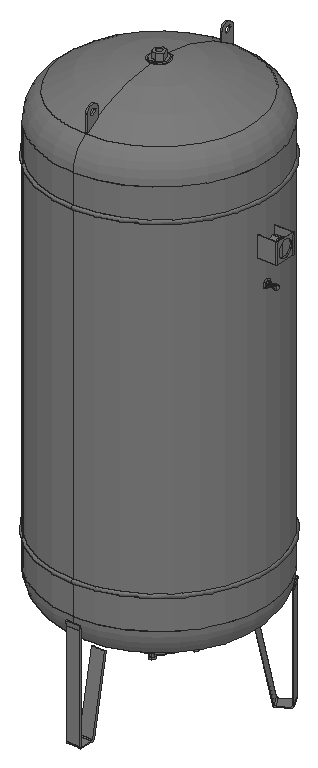
Revit family "MIT-1000-ET (Vertical)", category Specialty Equipment, Revit 2022
Family settings
  Round Connector Dimension = Use Diameter
  Part Type = Normal
  Work Plane-Based = No
  Always vertical = Yes
  Cut with Voids When Loaded = No
  Maintain Annotation Orientation = No
  Shared = No
  Room Calculation Point = No
Parameters
  URL = "https://en.ekinendustriyel.com/expansion-tanks"
  Test Pressure = 15.0 bar
  Production Standard = "TS EN 13831"
  Precharge Pressure = 4.0 bar
  Operating Pressure = 10.0 bar
  Model = "MIT-1000-ET_(Vertical)"
  Manufacturer = "Ekin Endüstriyel"
  Keynote = "Expension Tank"
  Description = "MIT-Expension Tank"
  Default Elevation = 0 mm
Reference planes
  plane 1 "Center (Front/Back)": y = 0
  plane 2: z = 0
  plane 3 "Center (Left/Right)": x = 0
Forms (mm)
  Revolve 1, solid, material "Ekin Endustriyel-S235JR", detail levels medium+fine
    sketch origin (0, -9714.015, 98.319) x (0, 1, 0) y (0, 0, 1)
      loop
        line (9714.015, 2026.016) -> (9714.015, 2024.191) -> (9751.581, 2024.191)
        arc (9751.581, 2024.191) -> (9911.062, 1992.264) -> (10057.292, 1921.058) r 638.141
        arc (10057.292, 1921.058) -> (10097.478, 1877.259) -> (10112.038, 1819.629) r 121.334
        line (10112.038, 1819.629) -> (10112.038, 334.84)
        arc (10112.038, 334.84) -> (10097.548, 277.391) -> (10057.546, 233.687) r 121.131
        arc (10057.546, 233.687) -> (9940.39, 172.938) -> (9813.201, 137.739) r 634.502
        arc (9813.201, 137.739) -> (9804.107, 131.161) -> (9794.387, 125.549) r 109.367
        line (9794.387, 125.549) -> (9714.015, 125.549) -> (9714.015, 123.692) -> (9795.078, 123.692)
        arc (9795.078, 123.692) -> (9805.154, 129.309) -> (9814.59, 135.945) r 110.567
        arc (9814.59, 135.945) -> (9941.62, 171.273) -> (10058.647, 232.017) r 636.502
        arc (10058.647, 232.017) -> (10099.309, 276.443) -> (10114.038, 334.84) r 123.131
        line (10114.038, 334.84) -> (10114.038, 446.679)
        arc (10114.038, 446.679) -> (10121.038, 453.679) -> (10114.038, 460.679) r 7
        line (10114.038, 460.679) -> (10114.038, 1696.701)
        arc (10114.038, 1696.701) -> (10121.038, 1703.701) -> (10114.038, 1710.701) r 7
        line (10114.038, 1710.701) -> (10114.038, 1819.629)
        arc (10114.038, 1819.629) -> (10099.238, 1878.209) -> (10058.39, 1922.73) r 123.334
        arc (10058.39, 1922.73) -> (9912.827, 1993.779) -> (9754.09, 2026.016) r 640.141
        line (9754.09, 2026.016) -> (9714.015, 2026.016)
      axis (9714.015, 123.692) -> (9714.015, 2026.016)
    angle from 0 to 360
  Extrusion 2, solid, material "Ekin Endustriyel-S235JR", detail levels coarse
    sketch origin (5181.554, -9689.015, 122.286) x (0, 1, 0) y (-1, 0, 0)
      loop
        circle (9689.015, 5181.554) r 407
    from 99.726 to 2002.05
  Extrusion 3, solid, material "Ekin Endustriyel-S235JR", detail levels fine
    sketch origin (-910.329, -6644.015, 80.111) x (0, 1, 0) y (0, 0, 1)
      loop
        arc (6304.907, 1944.464) -> (6329.582, 1959.406) -> (6354.86, 1973.305) r 691.428
        line (6354.86, 1973.305) -> (6354.86, 2004.328)
        arc (6354.86, 2004.328) -> (6329.883, 2029.305) -> (6304.907, 2004.328) r 24.977
        line (6304.907, 2004.328) -> (6304.907, 1944.464)
      loop
        circle (6329.732, 2004.282) r 13
      loop
        line (6983.124, 1944.464) -> (6983.124, 2004.328)
        arc (6983.124, 2004.328) -> (6958.148, 2029.305) -> (6933.171, 2004.328) r 24.977
        line (6933.171, 2004.328) -> (6933.171, 1973.305)
        arc (6933.171, 1973.305) -> (6958.448, 1959.406) -> (6983.124, 1944.464) r 691.428
      loop
        circle (6958.299, 2004.282) r 13
    from 906.829 to 913.828
  Extrusion 4, solid, material "Ekin Endustriyel-S235JR", detail levels medium+fine
    sketch origin (2.097, -50.915, 0) x (-0.866025, 0.5, 0) y (0, 0, 1)
      loop
        line (427.277, 395.355) -> (430.711, 413.024) -> (428.748, 413.406) -> (425.277, 395.547) -> (425.277, 7)
        arc (425.277, 7) -> (423.812, 3.464) -> (420.277, 2) r 5
        line (420.277, 2) -> (372.945, 2)
        arc (372.945, 2) -> (369.799, 3.114) -> (368.054, 5.96) r 5
        line (368.054, 5.96) -> (310.466, 276.893) -> (308.51, 276.477) -> (366.103, 5.523)
        arc (366.103, 5.523) -> (368.535, 1.554) -> (372.923, 0) r 6.973
        line (372.923, 0) -> (420.32, 0)
        arc (420.32, 0) -> (425.239, 2.038) -> (427.277, 6.957) r 6.957
        line (427.277, 6.957) -> (427.277, 395.355)
    from 18.05 to 68.05
  Extrusion 5, solid, material "Ekin Endustriyel-S235JR", detail levels medium+fine
    sketch origin (2.097, -50.915, 0) x (0, -1, 0) y (0, 0, 1)
      loop
        line (352.514, 413.024) -> (350.551, 413.406) -> (347.08, 395.547) -> (347.08, 7)
        arc (347.08, 7) -> (345.615, 3.464) -> (342.08, 2) r 5
        line (342.08, 2) -> (294.737, 2)
        arc (294.737, 2) -> (291.591, 3.114) -> (289.847, 5.96) r 5
        line (289.847, 5.96) -> (232.259, 276.891) -> (230.302, 276.475) -> (287.895, 5.523)
        arc (287.895, 5.523) -> (290.327, 1.554) -> (294.716, 0) r 6.973
        line (294.716, 0) -> (342.123, 0)
        arc (342.123, 0) -> (347.042, 2.038) -> (349.08, 6.957) r 6.957
        line (349.08, 6.957) -> (349.08, 395.355) -> (352.514, 413.024)
    from -22.903 to 27.097
  Extrusion 6, solid, material "Ekin Endustriyel-S235JR", detail levels medium+fine
    sketch origin (2.097, -50.915, 0) x (0.866025, 0.5, 0) y (0, 0, 1)
      loop
        line (427.078, 413.024) -> (425.115, 413.406) -> (421.644, 395.547) -> (421.644, 7)
        arc (421.644, 7) -> (420.179, 3.464) -> (416.644, 2) r 5
        line (416.644, 2) -> (369.312, 2)
        arc (369.312, 2) -> (366.166, 3.114) -> (364.422, 5.96) r 5
        line (364.422, 5.96) -> (306.833, 276.893) -> (304.877, 276.477) -> (362.47, 5.523)
        arc (362.47, 5.523) -> (364.902, 1.554) -> (369.291, 0) r 6.973
        line (369.291, 0) -> (416.687, 0)
        arc (416.687, 0) -> (421.606, 2.038) -> (423.644, 6.957) r 6.957
        line (423.644, 6.957) -> (423.644, 395.355) -> (427.078, 413.024)
    from -70.147 to -20.147
  Extrusion 7, solid, material "Ekin Endustriyel-S235JR", detail levels coarse
    sketch origin (2.097, -50.915, 0) x (-0.866025, 0.5, 0) y (0, 0, 1)
      loop
        line (427.277, 222.012) -> (320.087, 222.012) -> (366.103, 5.523)
        arc (366.103, 5.523) -> (368.535, 1.554) -> (372.923, 0) r 6.973
        line (372.923, 0) -> (420.32, 0)
        arc (420.32, 0) -> (425.239, 2.038) -> (427.277, 6.957) r 6.957
        line (427.277, 6.957) -> (427.277, 222.012)
    from 18.05 to 68.05
  Extrusion 8, solid, material "Ekin Endustriyel-S235JR", detail levels coarse
    sketch origin (2.097, -50.915, 0) x (0, -1, 0) y (0, 0, 1)
      loop
        line (349.069, 222.012) -> (241.879, 222.012) -> (287.895, 5.523)
        arc (287.895, 5.523) -> (290.327, 1.554) -> (294.716, 0) r 6.973
        line (294.716, 0) -> (342.112, 0)
        arc (342.112, 0) -> (347.031, 2.038) -> (349.069, 6.957) r 6.957
        line (349.069, 6.957) -> (349.069, 222.012)
    from -22.903 to 27.097
  Extrusion 9, solid, material "Ekin Endustriyel-S235JR", detail levels coarse
    sketch origin (2.097, -50.915, 0) x (0.866025, 0.5, 0) y (0, 0, 1)
      loop
        line (423.644, 222.012) -> (316.454, 222.012) -> (362.47, 5.523)
        arc (362.47, 5.523) -> (364.902, 1.554) -> (369.291, 0) r 6.973
        line (369.291, 0) -> (416.687, 0)
        arc (416.687, 0) -> (421.606, 2.038) -> (423.644, 6.957) r 6.957
        line (423.644, 6.957) -> (423.644, 222.012)
    from -70.147 to -20.147
  Extrusion 10, solid, material "Ekin Endustriyel-S235JR", detail levels coarse
    sketch origin (171.311, -0.352, 848) x (1, 0, 0) y (0, 1, 0)
      loop
        line (226.508, -39.142) -> (298.922, -39.142) -> (298.922, 39.858) -> (226.683, 39.858)
        arc (226.683, 39.858) -> (229.034, 19.99) -> (229.819, 0) r 254.819
        arc (229.819, 0) -> (228.99, -19.641) -> (226.508, -39.142) r 233
    from 767.5 to 842.5
  Extrusion 11, solid, material "Ekin Endustriyel-S235JR", detail levels medium+fine
    sketch origin (171.311, -0.352, 848) x (1, 0, 0) y (0, 1, 0)
      loop
        line (296.322, 39.858) -> (226.683, 39.858)
        arc (226.683, 39.858) -> (226.839, 38.858) -> (226.992, 37.858) r 254.819
        line (226.992, 37.858) -> (296.322, 37.858)
        arc (296.322, 37.858) -> (296.747, 37.682) -> (296.922, 37.258) r 0.6
        line (296.922, 37.258) -> (296.922, -36.542)
        arc (296.922, -36.542) -> (296.747, -36.967) -> (296.322, -37.142) r 0.6
        line (296.322, -37.142) -> (227.098, -37.142)
        arc (227.098, -37.142) -> (226.949, -38.143) -> (226.795, -39.142) r 254.819
        line (226.795, -39.142) -> (296.322, -39.142)
        arc (296.322, -39.142) -> (298.161, -38.381) -> (298.922, -36.542) r 2.6
        line (298.922, -36.542) -> (298.922, 37.258)
        arc (298.922, 37.258) -> (298.161, 39.096) -> (296.322, 39.858) r 2.6
    from 767.5 to 842.5
  Extrusion 12, void
    sketch origin (470.233, -36.895, 848) x (0, 1, 0) y (0, 0, 1)
      loop
        circle (36.9, 805) r 32.5
    from -2 to 0
  Revolve 13, solid, material "Ekin Endustriyel-S235JR", detail levels fine
    sketch origin (171.311, -0.352, 848) x (1, 0, 0) y (0, 0, 1)
      loop
        line (230, 811.5) -> (230, 805) -> (288.499, 805) -> (288.499, 837.415) -> (283.499, 837.415) -> (283.499, 835.016) -> (279.483, 835.016)
        arc (279.483, 835.016) -> (278.774, 834.723) -> (278.48, 834.013) r 1.003
        line (278.48, 834.013) -> (253.48, 834.013) -> (253.48, 815.002) -> (252.5, 815.002)
        arc (252.5, 815.002) -> (252.139, 814.657) -> (252, 814.178) r 0.964
        line (252, 814.178) -> (252, 812.305) -> (245, 812.305) -> (245, 811.5) -> (230, 811.5)
      axis (230, 805) -> (288.499, 805)
    angle from 0 to 360
  Revolve 14, solid, material "Ekin Endustriyel-S235JR", detail levels fine
    sketch origin (170.036, -0.352, 707.928) x (1, 0, 0) y (0, 0, 1)
      loop
        line (229.96, 805) -> (275.561, 805)
        arc (275.561, 805) -> (274.758, 808.458) -> (272.513, 811.208) r 7.847
        line (272.513, 811.208) -> (261.504, 811.208) -> (261.504, 812.005) -> (260.479, 812.005) -> (260.479, 810.108) -> (259.639, 809.269) -> (258.962, 809.946) -> (258.285, 809.269) -> (257.608, 809.946) -> (256.931, 809.269) -> (256.254, 809.946) -> (255.577, 809.269) -> (254.899, 809.946) -> (254.222, 809.269) -> (253.545, 809.946) -> (252.868, 809.269) -> (252.191, 809.946) -> (251.514, 809.269) -> (250.837, 809.946) -> (250.16, 809.269) -> (249.483, 809.946) -> (248.806, 809.269) -> (248.128, 809.946) -> (247.451, 809.269) -> (246.774, 809.946) -> (246.097, 809.269) -> (245.42, 809.946) -> (244.743, 809.269) -> (244.066, 809.946) -> (243.389, 809.269) -> (242.712, 809.946) -> (242.035, 809.269) -> (241.357, 809.946) -> (240.68, 809.269) -> (240.003, 809.946) -> (239.326, 809.269) -> (238.649, 809.946) -> (237.972, 809.269) -> (237.295, 809.946) -> (236.618, 809.269) -> (235.941, 809.946) -> (235.264, 809.269) -> (234.586, 809.946) -> (233.909, 809.269) -> (233.232, 809.946) -> (232.555, 809.269) -> (232.001, 809.823) -> (232.001, 814.435) -> (232.001, 819.99) -> (229.96, 819.99) -> (229.96, 805)
      axis (229.96, 805) -> (275.561, 805)
    angle from 0 to 360
  Extrusion 15, solid, material "Ekin Endustriyel-S235JR", detail levels fine
    sketch origin (170.036, -0.352, 789.724) x (0, 1, 0) y (0, 0, 1)
      loop
        line (0.348, 732.628) -> (-7.805, 727.921) -> (-7.805, 718.507) -> (0.348, 713.8) -> (8.5, 718.507) -> (8.5, 727.921) -> (0.348, 732.628)
    from 232.001 to 240.003
  Extrusion 16, solid, material "Ekin Endustriyel-S235JR", detail levels coarse
    sketch origin (-663.114, -426.414, 227.062) x (1, 0, 0) y (0, 1, 0)
      loop
        circle (663.114, 426.414) r 150
    from -23.5 to -13.542
  Revolve 17, solid, material "Ekin Endustriyel-S235JR", detail levels fine
    sketch origin (1884.269, 0.393, 168.584) x (1, 0, 0) y (0, 0, 1)
      loop
        line (-1917.384, -21.108) -> (-1908.866, -21.108) -> (-1907.892, -20.316) -> (-1909.118, -19.32) -> (-1907.892, -18.324) -> (-1909.118, -17.327) -> (-1907.892, -16.331) -> (-1909.118, -15.335) -> (-1907.892, -14.339) -> (-1909.118, -13.343) -> (-1907.892, -12.346) -> (-1909.118, -11.35) -> (-1907.892, -10.354) -> (-1909.118, -9.358) -> (-1907.892, -8.361) -> (-1909.118, -7.365) -> (-1907.892, -6.369) -> (-1909.118, -5.373) -> (-1907.892, -4.377) -> (-1909.118, -3.38) -> (-1907.892, -2.384) -> (-1909.118, -1.388) -> (-1907.892, -0.392) -> (-1909.118, 0.605) -> (-1907.892, 1.601) -> (-1909.118, 2.597) -> (-1907.892, 3.593) -> (-1909.118, 4.589) -> (-1907.892, 5.586) -> (-1909.118, 6.582) -> (-1907.892, 7.578) -> (-1909.118, 8.574) -> (-1907.892, 9.571) -> (-1909.118, 10.567) -> (-1907.892, 11.563) -> (-1909.118, 12.559) -> (-1907.892, 13.555) -> (-1909.118, 14.552) -> (-1907.892, 15.548) -> (-1909.118, 16.544) -> (-1907.892, 17.54) -> (-1909.118, 18.537) -> (-1907.384, 19.945) -> (-1907.384, 33.093)
        arc (-1907.384, 33.093) -> (-1907.936, 34.426) -> (-1909.269, 34.978) r 1.885
        line (-1909.269, 34.978) -> (-1917.384, 34.978) -> (-1917.384, -21.108)
      axis (-1884.269, 34.978) -> (-1884.269, -21.108)
    angle from 0 to 360
  Extrusion 18, solid, material "Ekin Endustriyel-S235JR", detail levels fine
    sketch origin (-672.202, -409.694, 233.213) x (1, 0, 0) y (0, 1, 0)
      loop
        circle (603.315, 528.737) r 6
      loop
        circle (534.664, 409.557) r 6
      loop
        circle (603.315, 290.65) r 6
      loop
        circle (741.09, 528.737) r 6
      loop
        circle (809.741, 409.557) r 6
      loop
        circle (741.09, 290.65) r 6
    from 0.262 to -29.241
  Extrusion 19, solid, material "Ekin Endustriyel-S235JR", detail levels medium
    sketch origin (1329.894, -1405.277, 199.584) x (0, 1, 0) y (1, 0, 0)
      loop
        circle (1405.357, -1330) r 33.189
      loop
        circle (1405.357, -1330) r 24.638
    from 52.889 to -3.978
  Extrusion 20, solid, material "Ekin Endustriyel-S235JR", detail levels coarse
    sketch origin (1330.207, -1405.277, 199.584) x (0, 1, 0) y (1, 0, 0)
      loop
        arc (1372.168, -1330) -> (1388.495, -1358.586) -> (1421.412, -1359.048) r 33.189
        arc (1421.412, -1359.048) -> (1422.22, -1301.414) -> (1372.168, -1330) r 33.189
    from -3.978 to 52.889
  Extrusion 21, solid, material "Ekin Endustriyel-S235JR", detail levels medium+fine
    sketch origin (-663.114, -1231.414, 265.543) x (0, 1, 0) y (1, 0, 0)
      loop
        circle (1231.414, 663.114) r 150
      loop
        circle (1231.396, 525.584) r 5.994
      loop
        circle (1112.301, 594.364) r 5.994
      loop
        circle (1350.527, 594.364) r 5.994
      loop
        circle (1231.396, 800.644) r 5.994
      loop
        circle (1350.527, 731.864) r 5.994
      loop
        circle (1112.301, 731.864) r 5.994
    from 46.54 to 43.531
  Extrusion 22, solid, material "Ekin Endustriyel-S235JR", detail levels medium+fine
    sketch origin (3869.838, -4745.875, 2127.155) x (0, 1, 0) y (-1, 0, 0)
      loop
        circle (4745.469, 3869.844) r 11
      loop
        line (4730.56, 3886.032) -> (4723.995, 3865.027) -> (4738.903, 3848.838) -> (4760.377, 3853.655) -> (4766.943, 3874.661) -> (4752.034, 3890.849) -> (4730.56, 3886.032)
    from 0.181 to 23
  Extrusion 23, solid, material "Ekin Endustriyel-S235JR", detail levels coarse
    sketch origin (3869.838, -4745.875, 2127.155) x (0, 1, 0) y (-1, 0, 0)
      loop
        line (4730.56, 3886.032) -> (4723.995, 3865.027) -> (4738.903, 3848.838) -> (4760.377, 3853.655) -> (4766.943, 3874.661) -> (4752.034, 3890.849) -> (4730.56, 3886.032)
    from -2.819 to 23
  Extrusion 24, solid, material "Ekin Endustriyel-S235JR", detail levels medium+fine
    sketch origin (3869.838, -4745.875, 2127.155) x (0, 1, 0) y (-1, 0, 0)
      loop
        circle (4745.827, 3869.844) r 32.5
    from -2.819 to 0.181
  Extrusion 25, solid, material "Ekin Endustriyel-S235JR", detail levels coarse
    sketch origin (-663.114, -426.414, 235.559) x (1, 0, 0) y (0, 1, 0)
      loop
        circle (663.114, 426.414) r 150
    from -16.556 to -13.547
  Extrusion 26, solid, material "Ekin Endustriyel-S235JR", detail levels medium+fine
    sketch origin (-663.114, -1231.414, 266.559) x (0, 1, 0) y (1, 0, 0)
      loop
        circle (1231.414, 663.114) r 150
      loop
        circle (1231.396, 525.584) r 5.994
      loop
        circle (1112.301, 594.364) r 5.994
      loop
        circle (1350.527, 594.364) r 5.994
      loop
        circle (1231.396, 800.644) r 5.994
      loop
        circle (1350.527, 731.864) r 5.994
    from 47.556 to 44.547
  Extrusion 27, solid, material "Ekin Endustriyel-S235JR", detail levels fine
    sketch origin (-456.831, -583.311, 270.704) x (-0.339703, 0.940533, 0) y (0.940533, 0.339703, 0)
      loop
        line (530.901, 592.884) -> (539.187, 600.087) -> (537.092, 610.865) -> (526.711, 614.44) -> (518.424, 607.236) -> (520.519, 596.458) -> (530.901, 592.884)
      loop
        line (310.021, 513.106) -> (315.722, 522.49) -> (310.447, 532.119) -> (299.47, 532.364) -> (293.769, 522.981) -> (299.044, 513.352) -> (310.021, 513.106)
      loop
        line (431.915, 491.303) -> (442.297, 487.728) -> (450.583, 494.932) -> (448.488, 505.71) -> (438.107, 509.284) -> (429.82, 502.081) -> (431.915, 491.303)
      loop
        line (476.852, 742.528) -> (471.15, 733.145) -> (476.426, 723.516) -> (487.403, 723.27) -> (493.104, 732.654) -> (487.829, 742.283) -> (476.852, 742.528)
      loop
        line (255.972, 662.751) -> (247.686, 655.547) -> (249.781, 644.77) -> (260.162, 641.195) -> (268.449, 648.398) -> (266.354, 659.176) -> (255.972, 662.751)
      loop
        line (335.801, 757.413) -> (341.077, 747.784) -> (352.054, 747.538) -> (357.755, 756.921) -> (352.479, 766.55) -> (341.502, 766.796) -> (335.801, 757.413)
    from 66.733 to 74.733
Cuts and joins
  Extrusion 12 cuts Extrusion 11
Lines and regions (mm)
  symbolic lines
    curve 1: arc (40.138, 69.521, 0) -> (-69.652, 40.102, 0) -> (-40.234, -69.688, 0) r 80.372
Dimensions and locks
  aligned and locked: level to plane 2
Connectors
  piping at (-0.106, 0.08, 146.695), diameter 25.4
    settings: on Extrusion 19, index 3, connector inside diameter 609.6 mm, connector length 0 mm, flow factor 0, pipe flow 0.0 L/s, pressure drop 0.0 Pa, fitting loss kfactor 0, connector angle 0.00°, fixture units 0, engagement length 0 mm, angle of deflection 0.00°, flow configuration 0, flow direction 0, fitting loss method 0, system type 7, joint type 0, gender type 0, connector reference index -1, connector utility 0, adjustable connector no, is connector primary yes, connector description ""
